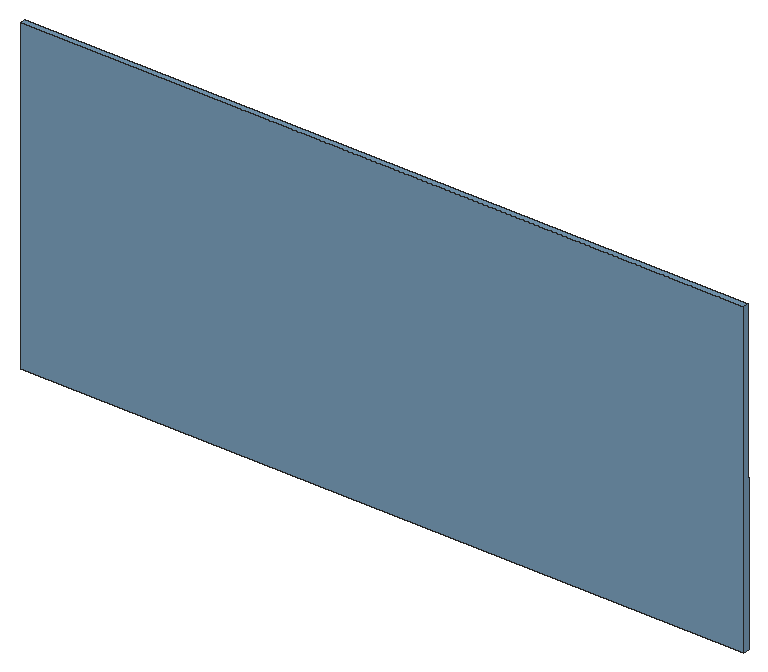
Revit family "Haworth_Compose_Panel_Tile_Special", category Furniture Systems, Revit 2018
Family settings
  Round Connector Dimension = Use Diameter
  Part Type = Normal
  OmniClass Number = 23.40.70.14.64.21
  OmniClass Title = Systems Furniture
  Work Plane-Based = No
  Always vertical = Yes
  Cut with Voids When Loaded = No
  Shared = No
  Room Calculation Point = No
Parameters (values of type "Tackboard 36" x 84"")
  Width = 84"
  Warranty = "http://www.haworth.com/resources/product-info/warranties"
  URL - Product = "https://www.haworth.com/na/en/products/beam-spine-based/compose-connections.html"
  URL = "www.haworth.com"
  Tackboard = yes
  Sustainability Info = "http://media.haworth.com/asset/2999/Compose%20PEDS.pdf"
  Slat Tile = no
  Panel Finish = Haworth - Fabric - Tellure - Sky 3A-32
  Model = "Haworth_Compose-Panel_Accessories-External_Mount_Special"  # constant formula
  Size = "Verify Final Dim. w/ Haworth"  # constant formula
  Revision Number = "3"  # constant formula
  Panel Width = Actual Width  # 84"
  Panel Height = Actual Height  # 36"
  Panel Depth = if(Slat Tile, 3/8", 5/8")  # 5/8"
  Min. Width = 24"  # constant formula
  Min. Height = 16"  # constant formula
  Max. Height = 32"  # constant formula
  Markerboard Tray Finish = Haworth - Metal - Brushed Aluminum
  Markerboard = no
  Manufacturer = "Haworth"  # constant formula
  Height = 36"
  Description = "Haworth_Compose-Panel_Accessories-External_Mount_Special"
  Custom Size = not(and(or(Height = 16", Height = 24", Height = 32"), or(Width = 24", Width = 30", Width = 36", Width = 42", Width = 48", Width = 54", Width = 60")))  # yes
  Author = "SHAPE Environments, LLC"  # constant formula
  Assembly Code = "E2020500"
  Actual Width = 84"
  Panel Offset [instance] = 42"
  Actual Height = 36"
Reference planes (in)
  plane 1 "Center F/B": y = -0.82517
  plane 2: z = 0
  plane 3 "Center L/R": x = 0.09607
  plane 4 "Left Trim Inside": x = -41.90393
  plane 5 "Right Trim Inside": x = 42.09607
  plane 6 "Top": z = 78
  plane 7 "Panel Offset": z = 42
  plane 8 "Back": y = -0.51267
  plane 9 "Front": y = -1.13767
Forms (in)
  Sweep 1, solid, material "Haworth - Metal - Brushed Aluminum" <- "Markerboard Tray Finish", visible <- "Markerboard"
    path origin (0, -0.82517, 0) x (1, 0, 0) y (0, 0, 1)
      loop
        line (-41.90393, 42) -> (42.09607, 42)
    profile origin (0.09607, -0.82517, 42) x (0, 0, 1) y (0, -1, 0)
      loop
        line (0, 0.3125) -> (0.5, 0.3125) -> (0.5, 1.3125) -> (0.4375, 1.3125) -> (0.4375, 0.375) -> (0, 0.375) -> (0, 0.3125)
Lines and regions (in)
  Masking region 1
    outline origin (0, 0, 0) x (1, 0, 0) y (0, 1, 0)
      loop
        line (-41.90393, -0.51267) -> (-41.90393, -1.13767) -> (42.09607, -1.13767) -> (42.09607, -0.51267) -> (-41.90393, -0.51267)
  Masking region 2, visible <- "Markerboard"
    outline origin (0, 0, 0) x (1, 0, 0) y (0, 1, 0)
      loop
        line (-41.90393, -1.13767) -> (-41.90393, -2.13767) -> (42.09607, -2.13767) -> (42.09607, -1.13767) -> (-41.90393, -1.13767)
Dimensions and locks (in)
  equal spacing: plane 4 "Left Trim Inside", plane 3 "Center L/R", plane 5 "Right Trim Inside"
  "Actual Width": plane 4 "Left Trim Inside" to plane 5 "Right Trim Inside"
  "Actual Height": plane 6 "Top" to plane 7 "Panel Offset"
  "Panel Offset": plane 7 "Panel Offset" to plane 2
  equal spacing: plane 8 "Back", plane 1 "Center F/B", plane 9 "Front"
  "Panel Depth": plane 8 "Back" to plane 9 "Front"
  aligned and locked: plane 3 "Center L/R" to nested 1
  aligned: plane 1 "Center F/B" to nested 1
  aligned and locked: nested 1 to plane 7 "Panel Offset"
  aligned and locked: nested 1 to Masking region 1 sketch curve
  aligned and locked: Masking region 1 sketch curve to nested 1  (x3)
  aligned and locked: Sweep 1 sketch curve to plane 7 "Panel Offset"
  aligned and locked: plane 4 "Left Trim Inside" to Sweep 1 sketch curve
  aligned and locked: plane 5 "Right Trim Inside" to Sweep 1 sketch curve
  aligned: Sweep 1 to nested 1
  aligned and locked: plane 8 "Back" to nested 1
  aligned and locked: plane 9 "Front" to nested 1
  aligned and locked: plane 9 "Front" to Sweep 1
  aligned and locked: Masking region 2 sketch curve to Sweep 1
  aligned and locked: Masking region 2 sketch curve to plane 5 "Right Trim Inside"
  aligned and locked: Masking region 2 sketch curve to plane 9 "Front"
  aligned and locked: plane 4 "Left Trim Inside" to Masking region 2 sketch curve
Automatic sketch dimensions
  profile plane to Sweep 1 sketch curve = 0"
  plane 1 "Center F/B" to Sweep 1 sketch curve = 5/16"
  Sweep 1 sketch curve to profile plane = 7/16"
  Sweep 1 sketch curve to Sweep 1 sketch curve = 1/16"  (x2)
  Sweep 1 sketch curve to Sweep 1 sketch curve = 15/16"
Nested families (in)
  nested 1: "Haworth_Compose - Panel_Solid" at (-1.08413, -0.79494, 42), type "Haworth_Enclose - Panel_Solid"
    with Panel Width 84", Panel Height 36", Panel Depth 5/8"
Definition of nested family "Haworth_Compose - Panel_Solid"
  Parameters
    URL = "www.haworth.com"
    Revision Number = "1"  # constant formula
    Revision Date = ""
    Panel Width = 36"
    Panel Height = 108"
    Panel Finish = none
    Panel Depth = 1/2"
    Manufacturer = "Haworth"  # constant formula
    Author = "SHAPE Environments, LLC"  # constant formula
    Assembly Code = ""
  Reference planes (in)
    plane 1 "Center F/B": y = -0.03024
    plane 2: z = 0
    plane 3 "Center L/R": x = 1.1802
    plane 4 "Left": x = -16.8198
    plane 5 "Right": x = 19.1802
    plane 6 "Back": y = 0.21976
    plane 7 "Front": y = -0.28024
    plane 8 "Top": z = 108
  Forms (in)
    Extrusion 1, solid, material <- "Panel Finish"
      sketch origin (0, -0.03024, 0) x (1, 0, 0) y (0, 0, 1)
        loop
          line (-16.8198, 108) -> (-16.8198, 0) -> (19.1802, 0) -> (19.1802, 108) -> (-16.8198, 108)
      from -0.25 to 0.25
  Dimensions and locks (in)
    "Panel Height": plane 8 "Top" to level
    equal spacing: plane 6 "Back", plane 1 "Center F/B", plane 7 "Front"
    "Panel Depth": plane 6 "Back" to plane 7 "Front"
    equal spacing: plane 4 "Left", plane 3 "Center L/R", plane 5 "Right"
    "Panel Width": plane 4 "Left" to plane 5 "Right"
    aligned and locked: plane 4 "Left" to Extrusion 1 sketch curve
    aligned and locked: Extrusion 1 sketch curve to plane 8 "Top"
    aligned and locked: level to Extrusion 1 sketch curve
    aligned and locked: Extrusion 1 sketch curve to plane 5 "Right"
    aligned and locked: plane 6 "Back" to Extrusion 1
    aligned and locked: Extrusion 1 to plane 7 "Front"
